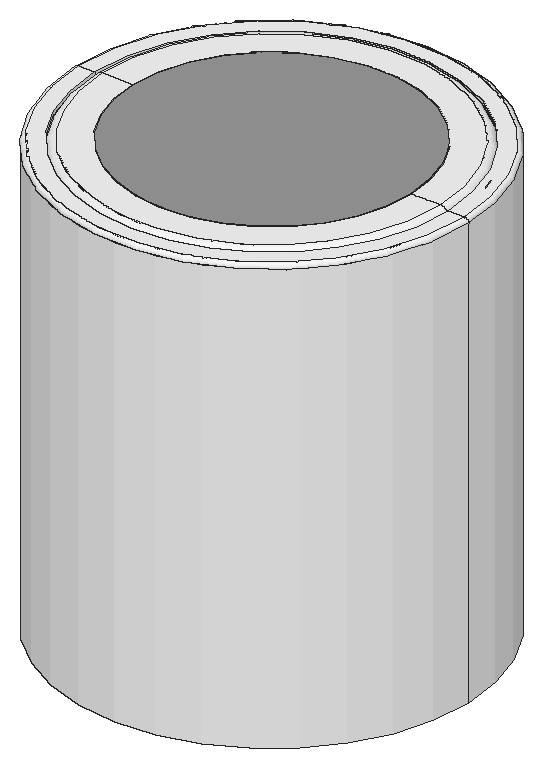
Revit family "3098179 Lighting Fixture_Sylvania_Insaver LED II 150 LO_Surface Mounted", category Lighting Fixtures, host Face, Revit 2017
Family settings
  Host = Face
  Round Connector Dimension = Use Diameter
  Part Type = Normal
  OmniClass Number = 23.80.70.11.17
  OmniClass Title = Specialized Lighting by Location or Use
  Cut with Voids When Loaded = No
  Light Source = Yes
  Shared = No
  Room Calculation Point = No
Parameters (values of type "Insaver LED II 150 High Output NW DALI Surface Mounted")
  Ta Rating = "0°C to 55°C"  # constant formula
  Reflector Material = Metal_Sylvania_Insaver LED II_Polished
  LOR = "100%"  # constant formula
  IP Rating = "IP23 (44 with accessory)"  # constant formula
  Height = 208.0 mm
  Glare Control = "UGR <19 (using accessory)"  # constant formula
  Energy Class = "A++,A+,A"  # constant formula
  Weight = 0 kg
  Wattage = 22.2577 W
  built-in parameter 1150110 = 1 (stored number, unit not read)
  Voltage Comments = "UNV (Universal Voltage; 220-240 Volt)"  # constant formula
  Voltage = 230 V  # constant formula
  URL = "http://www.sylvania-lighting.com"
  built-in parameter 1114217 = 1 (stored number, unit not read)
  Tilt Angle = -90°
  built-in parameter 1150109 = 1 (stored number, unit not read)
  built-in parameter 1150134 = 12
  built-in parameter 1150113 = 1 (stored number, unit not read)
  Product Page URL = "http://www.sylvania-lighting.com/product/en-int/products/3098179"
  Product Family = "INSAVER LED II 150 Surface Mounted"  # constant formula
  Photometry Comments = ""
  Photometric Web File = "3098179_InsaverLEDII150HighOutputNWDALISurfaceMounted-202266.ies"
  Life = "50 000 h"  # constant formula
  Emit from Circle Diameter = Diffuser Diameter  # 133.0 mm
  Emit Shape Visible in Rendering = no
  Drive Current = "900mA"  # constant formula
  Distribution type = "Direct - symmetrical"  # constant formula
  Diffuser Material = Glass_Sylvania_Insaver LED II_4000K
  Diffuser Diameter = Accessory Diameter - 36.0 mm  # 133.0 mm
  Colour consistency (SDCM) = "3 step"  # constant formula
  built-in parameter 1114216 [instance] = 1 (stored number, unit not read)
  Model = "Insaver LED II 150 High Output NW DALI Surface Mounted"
  Manufacturer = "Feilo Sylvania"
  built-in parameter 1150105 = 171.81 (stored number, unit not read)
  Lumens = 2159 lm
  built-in parameter 1150115 = 1 (stored number, unit not read)
  built-in parameter 1150137 = (empty or 0)
  built-in parameter 1150139 = (empty or 0)
  built-in parameter 1150112 = 1 (stored number, unit not read)
  built-in parameter 1150114 = 1 (stored number, unit not read)
  Lamp Comments = "Integrated LED"  # constant formula
  Lamp = ""
  built-in parameter 1150132 = 2
  built-in parameter 1150102 = (empty or 0)
  built-in parameter 1150107 = 4000 (stored number, unit not read)
  built-in parameter 1150138 = (empty or 0)
  built-in parameter 1150106 = 1.7181 (stored number, unit not read)
  CRI ( Ra ) = 80  # constant formula
  Body Material = Plastic_Sylvania_Insaver LED II_White
  built-in parameter 1150104 = 9.0116 (stored number, unit not read)
  Dimming Lamp Color Temperature Shift = <None>
  Description = "Circular LED downlight with up to 114lm/W efficacy and 2,400 luminaire lumen output. Innovative easy installation system allows for a rapid, single point installation. For 150mm cut outs. IP44 or UGR<19 compliant with additional accessories. 3 hour emergency and surface mounted versions available. Plus3 version includes Wieland GST connector."  # constant formula
  Default Elevation = 0.0 mm
  Color Filter = 16777215
  Catalog Number = "3098179 Insaver LED II 150 High Output NW DALI Surface Mounted"
  built-in parameter 1140040 [instance] = 1
  Radius = Diameter / 2  # 94.0 mm
  Diameter = 188.0 mm
  Beam Angle = 76°  # constant formula
  built-in parameter 1114218 = 1 (stored number, unit not read)
  built-in parameter 1150133 = 10 (stored number, unit not read)
  Assembly Code = "D5020200"
  Apparent Load Comments = ""
  Apparent Load = 22 VA
  Accessory Radius = Accessory Diameter / 2  # 84.5 mm
  Accessory Material = Plastic_Sylvania_Insaver LED II_White
  Accessory Diameter = Diameter - 19.0 mm  # 169.0 mm
Reference planes
  plane 1 "Center (Front/Back)": y = 0
  plane 2: z = 0
  plane 3 "Center (Left/Right)": x = 0
  plane 4: z = 202
  plane 5 "Fixture Bottom": z = 208
  plane 6: z = 205
  plane 7: z = 9.5
  plane 8: z = 148
Forms (mm)
  Revolve 1, solid, material "Plastic_Sylvania_Insaver LED II_White" <- "Accessory Material", detail levels fine
    sketch origin (0, 0, 206.916) x (1, 0, 0) y (0, 0, 1)
      loop
        line (-84.5, -4.916) -> (-66.5, -4.916) -> (-66.5, 1.084) -> (-80.5, 1.084)
        arc (-80.5, 1.084) -> (-83.328, -0.088) -> (-84.5, -2.916) r 4
        line (-84.5, -2.916) -> (-84.5, -4.916)
      axis (0, 1.084) -> (0, -4.916)
    angle from 0 to 360
  Extrusion 2, solid, material "Glass_Sylvania_Insaver LED II_4000K" <- "Diffuser Material", detail levels fine
    sketch origin (0, 0, 206.916) x (1, 0, 0) y (0, 1, 0)
      loop
        circle (0, 0) r 66.5
    from -4.916 to 1.084
  Extrusion 3, solid, material "Plastic_Sylvania_Insaver LED II_White" <- "Body Material", detail levels fine
    sketch origin (0, 0, 0) x (1, 0, 0) y (0, 1, 0)
      loop
        circle (0, 0) r 94
      loop
        circle (0, 0) r 84.5
    from 0 to 205
  Revolve 4, solid, material "Plastic_Sylvania_Insaver LED II_White" <- "Body Material", detail levels fine
    sketch origin (0, 0, 0) x (1, 0, 0) y (0, 0, 1)
      loop
        line (-94, 205) -> (-84.5, 205) -> (-84.5, 207) -> (-92, 207)
        arc (-92, 207) -> (-93.414, 206.414) -> (-94, 205) r 2
      axis (0, 207) -> (0, 205)
    angle from 0 to 360
  Extrusion 5, solid, material "Plastic_Sylvania_Insaver LED II_White" <- "Body Material", detail levels fine
    sketch origin (0, 0, 0) x (1, 0, 0) y (0, 1, 0)
      loop
        circle (0, 0) r 84.5
    from 0 to 9.5
  Revolve 6, solid, detail levels fine
    sketch origin (0, 0, 0) x (1, 0, 0) y (0, 0, 1)
      loop
        line (0, 148) -> (0, 150)
        arc (0, 150) -> (-48.672, 164.089) -> (-82.291, 202) r 91.113
        line (-82.291, 202) -> (-84.5, 202)
        arc (-84.5, 202) -> (-50.14, 162.653) -> (0, 148) r 93.113
      axis (0, 202) -> (0, 148)
    angle from 0 to 360
  Extrusion 7, solid, material "Plastic_Sylvania_Insaver LED II_White" <- "Body Material", detail levels coarse+medium
    sketch origin (0, 0, 0) x (1, 0, 0) y (0, 1, 0)
      loop
        circle (0, 0) r 94
    from 0 to 208
Cuts and joins
  joined: Extrusion 3, Revolve 4, Extrusion 5
Lines and regions (mm)
  Masking region 1
    outline origin (0, 0, 0) x (1, 0, 0) y (0, 1, 0)
      loop
        circle (0, 0) r 94
  symbolic lines, detail levels fine
    curve 1: arc (66.5, 0, 0) -> (0, 66.5, 0) -> (-66.5, 0, 0) r 66.5
    curve 2: arc (-66.5, 0, 0) -> (0, -66.5, 0) -> (66.5, 0, 0) r 66.5
Dimensions and locks
  locked: Revolve 1 sketch curve to Revolve 1 sketch curve at 18
  "Accessory Radius": plane 3 "Center (Left/Right)" to Revolve 1 sketch curve
  locked: Revolve 1 sketch curve to plane 4 at 2
  plane 5 "Fixture Bottom" to plane 6 to plane 4 to plane 8 = 3.0 mm locked, 3.0 mm locked, 54.0 mm locked
  "Height": plane 5 "Fixture Bottom" to plane 2
  locked: Revolve 4 sketch curve to plane 6 at 2
  locked: plane 7 to plane 2 at 9.5
  "Radius": plane 3 "Center (Left/Right)" to Revolve 4 sketch curve
  locked: Revolve 4 sketch curve to Revolve 4 sketch curve at 9.5
  "Accessory Radius": plane 3 "Center (Left/Right)" to Revolve 6 sketch curve
  locked: Revolve 6 sketch curve to Revolve 6 sketch curve at 2.209
  locked: Revolve 6 sketch curve to plane 8 at 2
  "Diffuser Diameter": diameter of Extrusion 2 sketch curve
  "Diameter": diameter of Extrusion 3 sketch curve
  "Accessory Diameter": diameter of Extrusion 3 sketch curve
  "Accessory Diameter": diameter of Extrusion 5 sketch curve
  "Diameter": diameter of Extrusion 7 sketch curve
  aligned and locked: plane 2 to host face
  aligned and locked: level to host face
  aligned and locked: imposter light to plane 1 "Center (Front/Back)"
  aligned and locked: plane 4 to Revolve 1 sketch curve
  aligned and locked: Revolve 1 sketch curve to plane 3 "Center (Left/Right)"
  aligned and locked: plane 4 to Extrusion 2
  aligned and locked: Extrusion 2 to plane 5 "Fixture Bottom"
  aligned and locked: Extrusion 3 to plane 6
  aligned and locked: Extrusion 3 to plane 2
  aligned and locked: Revolve 4 sketch curve to plane 3 "Center (Left/Right)"
  aligned and locked: plane 5 "Fixture Bottom" to Revolve 1 sketch curve
  aligned and locked: plane 6 to Revolve 4 sketch curve
  aligned and locked: Extrusion 5 to plane 2
  aligned and locked: Extrusion 5 to plane 7
  aligned and locked: imposter light to plane 3 "Center (Left/Right)"
  aligned and locked: imposter light to plane 5 "Fixture Bottom"
  aligned and locked: Revolve 6 sketch curve to imposter light
  aligned and locked: Revolve 6 sketch curve to plane 4
  aligned and locked: imposter light to Revolve 6 sketch curve
  aligned and locked: Extrusion 7 to plane 5 "Fixture Bottom"
  aligned and locked: Extrusion 7 to plane 2
  aligned and locked: Masking region 1 sketch curve to Extrusion 7  (x2)
  aligned and locked: curve 1 to Extrusion 2
  aligned and locked: curve 2 to Extrusion 2
Automatic sketch dimensions
  host sketch curve to host sketch curve = 1040.406 mm
  host sketch curve to host sketch curve = 988.385 mm
  plane 4 to Revolve 1 sketch curve = 23.903 mm
  Revolve 1 sketch curve to plane 5 "Fixture Bottom" = 38.423 mm
  plane 1 "Center (Front/Back)" to Extrusion 2 sketch curve = 0.0 mm
  Extrusion 2 sketch curve to plane 3 "Center (Left/Right)" = 0.0 mm
  Extrusion 3 sketch curve to Extrusion 3 sketch curve = 0.0 mm  (x2)
  plane 1 "Center (Front/Back)" to Extrusion 3 sketch curve = 0.0 mm
  Extrusion 3 sketch curve to plane 3 "Center (Left/Right)" = 0.0 mm
  Revolve 4 sketch curve to plane 5 "Fixture Bottom" = 23.931 mm
  Revolve 4 sketch curve to Revolve 4 sketch curve = 16.615 mm
  plane 1 "Center (Front/Back)" to Extrusion 5 sketch curve = 0.0 mm
  Extrusion 5 sketch curve to plane 3 "Center (Left/Right)" = 0.0 mm
  Revolve 6 sketch curve to Revolve 6 sketch curve = 0.0 mm
  plane 4 to Revolve 6 sketch curve = 22.636 mm
  Revolve 6 sketch curve to Revolve 6 sketch curve = 1.749 mm
  plane 1 "Center (Front/Back)" to Extrusion 7 sketch curve = 0.0 mm
  Extrusion 7 sketch curve to plane 3 "Center (Left/Right)" = 0.0 mm
Connectors
  electrical at (0, 0, 0), driven by "Voltage", driven by "Apparent Load"
    settings: on cut or joined group of Extrusion 3, Revolve 4, Extrusion 5, index 1, voltage 230 V, apparent load 0 VA, apparent load phase1 22 VA, apparent load phase2 0 VA, apparent load phase3 0 VA, power factor 1, load classification "Lighting", number of poles 1, system type 31, power factor state 1, is connector primary yes, connector utility no, sub classification motor no, connector description ""
